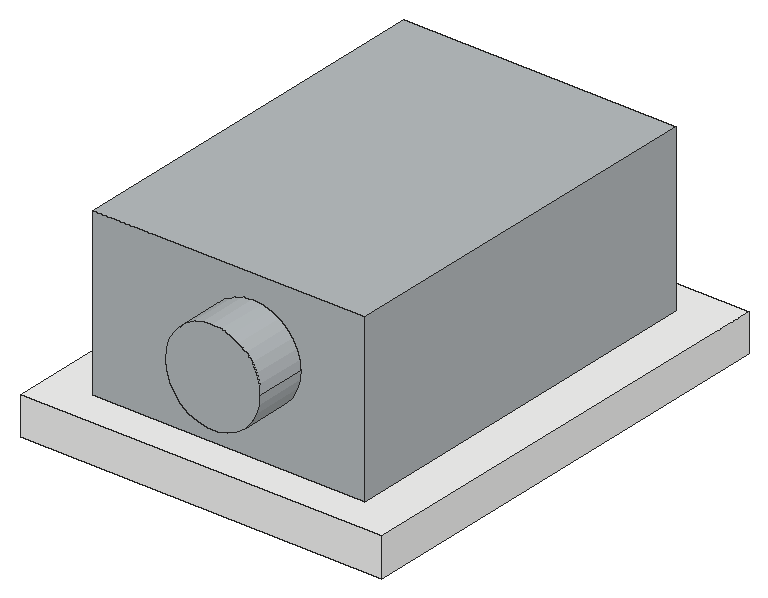
Revit family "v-141_241bz5(-rc)_50Hz", category 機械設備, Revit 2019
Family settings
  丸型コネクタ寸法 = 直径を使用
  パーツ タイプ = 標準
  OmniClass 番号 = 23.75.35.17.27
  OmniClass タイトル = Centrifugal Fans
  作業面ベース = いいえ
  常に垂直 = はい
  ロード時にボイドで切り取り = いいえ
  共有 = いいえ
  部屋計算ポイント = はい
Parameters (values of type "V-141BZ5")
  騒音レベル(dB(A)) [instance] = 43
  風量 [instance] = 170.0 m³/h
  電源種別 [instance] = ""
  電圧 = 100 V
  電動機出力 = 0 W
  電動機_種別 [instance] = ""
  運転質量 = 0.00 kg
  連動 [instance] = ""
  質量 = if(製品質量 > 運転質量, 製品質量, 運転質量) * 1.2  # 6.36 kg
  負荷分類 = 3_ファン類
  説明 = "バス乾燥・暖房・換気システム 標準タイプ 1部屋用"
  設計風量 [instance] = 0.0 m³/h
  設置方法 = "カセット形"
  記号 [instance] = ""
  製造元 = "三菱電機株式会社"
  製品質量 = 5.30 kg
  製品出荷対象 = "国内"
  製品リリース年月 = "2022年6月1日"
  製品グループ = ""
  系統 [instance] = ""
  符号 [instance] = if(☑給気／□排気, "FS", "FE")  # "FE"
  積算_科目 = "2 換気設備"
  積算_拾い区分 [instance] = ""
  相 = 1
  盤記号 [instance] = ""
  発停方法 [instance] = ""
  特殊仕様 [instance] = ""
  点検口離隔 = 150 mm
  点検口_Depth = 450 mm
  点検口 = yes
  火災停止 [instance] = ""
  消費電力 = 1250 W
  法定耐用年数 = "10"
  機外静圧 [instance] = 0.0 Pa
  極数 = 2
  材質 [instance] = ""
  操作・制御方式 = ""
  操作・制御スイッチ = ""
  排気量 [instance] = if(☑給気／□排気, 0.0 m³/h, 設計風量)  # 0.0 m³/h
  形式 = ""
  幹線記号 [instance] = ""
  対象室 [instance] = ""
  実風量 [instance] = 0.0 m³/h
  始動方式 [instance] = "直入"
  本体固定用穴ピッチ4 = 424 mm
  本体固定用穴ピッチ3 = 224 mm
  本体固定用穴ピッチ2 = 265 mm
  本体固定用穴ピッチ1 = 304 mm
  外気量 [instance] = if(☑給気／□排気, 設計風量, 0.0 m³/h)  # 0.0 m³/h
  呼称 = "天井扇"
  周波数 = 50 Hz
  参照している仕様書等のバージョン = ""
  分類コード = "50052503100080"
  分類グループ = ""
  価格 = 111000
  企業コード = "108420"
  付属品_防振装置 = ""
  付属品 [instance] = ""
  仕様書バージョン = "Version1.0"
  モデル = "V-141BZ5"
  マテリアル = 亜鉛メッキ鋼板
  ファンの種類 = ""
  ダクト径 = 100 mm
  コメント [instance] = ""
  Keynote = ""
  カバーマテリアル = 合成樹脂(白)
  ☑給気／□排気 [instance] = no
  Width = 280 mm
  W2 = 25 mm
  W1 = 372 mm
  Version = ""
  Uniclass2015Version = "Systems v1.9"
  Uniclass2015Title = "Centrifugal fans"
  Uniclass2015Code = "Pr_65_67_29_12"
  URL = "https://www.mitsubishielectric.co.jp/ldg/wink/ssl/displayProduct.do?pid=320524"
  SpecificationReference = ""
  SpecificationDescription = ""
  Revision = ""
  ProductInformation = ""
  OmniClassCode = "23-33 31 19 11 15"
  MIN風量 = 95.0 m³/h
  MIN静圧 = 0.0 Pa
  MID風量 = 0.0 m³/h
  MID静圧 = 0.0 Pa
  MAX風量 = 170.0 m³/h
  MAX静圧 = 0.0 Pa
  IfcTypeProduct = ""
  IfcProduct = ""
  IfcExportType = "PROPELLORAXIAL"
  IfcExportAs = "IfcFanType"
  Height = 170 mm
  H2 = 97 mm
  H1 = 39 mm
  EAサイズ_D = 97.5 mm
  Depth = 400 mm
  D2 = 51.8 mm
  D1 = 472 mm
  Author = "三菱電機株式会社"
Types (3, lengths in mm): name | 騒音レベル(dB(A)) | 風量 | 電圧 | 質量 | 製品質量 | 消費電力 | 極数 | 価格 | モデル | URL | MIN風量 | MAX風量
  V-141BZ5 | 43 | 170.0 m³/h | 100 V | 6.36 kg | 5.30 kg | 1250 W | 2 | 111000 | "V-141BZ5" | "https://www.mitsubishielectric.co.jp/ldg/wink/ssl/displayProduct.do?pid=320524" | 95.0 m³/h | 170.0 m³/h
  V-241BZ5 | 47 | 195.0 m³/h | 200 V | 6.96 kg | 5.80 kg | 2000 W | 3 | 137100 | "V-241BZ5" | "https://www.mitsubishielectric.co.jp/ldg/wink/ssl/displayProduct.do?pid=320489" | 110.0 m³/h | 195.0 m³/h
  V-241BZ5-RC | 47 | 195.0 m³/h | 200 V | 6.96 kg | 5.80 kg | 2000 W | 3 | 179000 | "V-241BZ5-RC" | "https://www.mitsubishielectric.co.jp/ldg/wink/ssl/displayProduct.do?pid=320490" | 110.0 m³/h | 195.0 m³/h
Reference planes
  plane 1 "中心(正面/背面)": y = 0
  plane 2: z = 0
  plane 3 "中心(左/右)": x = 0
  plane 4: x = -186
  plane 5: x = 186
  plane 6: y = 236
  plane 7: y = -236
  plane 8: x = -140
  plane 9: x = 140
  plane 10: y = 200
  plane 11: y = -200
  plane 12: y = -251.8
  plane 13: z = 170
  plane 14: z = -39
  plane 15: z = 97
  plane 16: x = -152
  plane 17: x = 152
  plane 18: y = 132.5
  plane 19: y = -132.5
  plane 20: x = 25
  plane 21: x = -112
  plane 22: x = 112
  plane 23: y = 212
  plane 24: y = -212
  plane 25: x = -290
  plane 26: x = -740
  plane 27: y = 225
  plane 28: y = -225
Forms (mm)
  Extrusion 1, solid, material "亜鉛メッキ鋼板" <- "マテリアル", detail levels fine
    sketch origin (0, 0, 0) x (1, 0, 0) y (0, 1, 0)
      loop
        line (-140, 200) -> (-140, -200) -> (140, -200) -> (140, 200) -> (-140, 200)
    from 0 to 170
  Extrusion 2, solid, material "合成樹脂(白)" <- "カバーマテリアル", detail levels fine
    sketch origin (0, 0, 0) x (1, 0, 0) y (0, 1, 0)
      loop
        line (-186, 236) -> (-186, -236) -> (186, -236) -> (186, 236) -> (-186, 236)
    from 0 to -39
  Extrusion 3, solid, material "亜鉛メッキ鋼板" <- "マテリアル", detail levels fine
    sketch origin (0, 0, 0) x (1, 0, 0) y (0, 0, 1)
      loop
        circle (25, 97) r 48.75
    from 200 to 251.8
Dimensions and locks
  equal spacing: plane 4, plane 3 "中心(左/右)", plane 5
  "W1": plane 4 to plane 5
  equal spacing: plane 6, plane 1 "中心(正面/背面)", plane 7
  "D1": plane 6 to plane 7
  equal spacing: plane 8, plane 3 "中心(左/右)", plane 9
  "Width": plane 8 to plane 9
  equal spacing: plane 10, plane 1 "中心(正面/背面)", plane 11
  "Depth": plane 10 to plane 11
  "D2": plane 11 to plane 12
  "Height": plane 13 to plane 2
  "H2": plane 15 to plane 2
  equal spacing: plane 16, plane 3 "中心(左/右)", plane 17
  "本体固定用穴ピッチ1": plane 16 to plane 17
  equal spacing: plane 18, plane 1 "中心(正面/背面)", plane 19
  "本体固定用穴ピッチ2": plane 18 to plane 19
  "H1": plane 2 to plane 14
  "W2": plane 20 to plane 3 "中心(左/右)"
  equal spacing: plane 23, plane 1 "中心(正面/背面)", plane 24
  "本体固定用穴ピッチ4": plane 23 to plane 24
  equal spacing: plane 21, plane 3 "中心(左/右)", plane 22
  "本体固定用穴ピッチ3": plane 21 to plane 22
  equal spacing: plane 27, plane 1 "中心(正面/背面)", plane 28
  "点検口_Depth": plane 27 to plane 28
  "点検口_Depth": plane 26 to plane 25
  "点検口離隔": plane 25 to plane 8
  "EAサイズ_D": diameter of Extrusion 3 sketch curve
  aligned and locked: level to plane 2
  aligned and locked: plane 5 to Extrusion 2
  aligned and locked: plane 6 to Extrusion 2
  aligned and locked: Extrusion 2 to plane 4
  aligned and locked: Extrusion 2 to plane 7
  aligned and locked: plane 9 to Extrusion 1
  aligned and locked: Extrusion 1 to plane 11
  aligned and locked: Extrusion 1 to plane 8
  aligned and locked: plane 10 to Extrusion 1
  aligned and locked: plane 13 to Extrusion 1
  aligned and locked: Extrusion 2 to plane 14
  aligned and locked: level to Extrusion 2
  aligned and locked: Extrusion 1 to level
  aligned and locked: Extrusion 3 to plane 12
  aligned and locked: plane 11 to Extrusion 3
  aligned and locked: nested 2 to plane 16
  aligned and locked: nested 2 to plane 17
  aligned and locked: nested 2 to plane 19
  aligned and locked: nested 2 to plane 18
  aligned and locked: nested 3 to plane 23
  aligned and locked: nested 3 to plane 24
  aligned and locked: nested 3 to plane 21
  aligned and locked: nested 3 to plane 22
  aligned and locked: plane 25 to nested 4
  aligned and locked: plane 26 to nested 4
  aligned and locked: plane 27 to nested 4
  aligned and locked: plane 28 to nested 4
Automatic sketch dimensions
  Extrusion 1 sketch curve to plane 3 "中心(左/右)" = 140 mm
  plane 3 "中心(左/右)" to Extrusion 1 sketch curve = 140 mm
  Extrusion 2 sketch curve to plane 3 "中心(左/右)" = 186 mm
  plane 3 "中心(左/右)" to Extrusion 2 sketch curve = 186 mm
  plane 1 "中心(正面/背面)" to Extrusion 1 sketch curve = 200 mm
  Extrusion 1 sketch curve to plane 1 "中心(正面/背面)" = 200 mm
  plane 1 "中心(正面/背面)" to Extrusion 2 sketch curve = 236 mm
  Extrusion 2 sketch curve to plane 1 "中心(正面/背面)" = 236 mm
  Extrusion 3 sketch curve to plane 15 = 0 mm
  Extrusion 3 sketch curve to plane 20 = 0 mm
Nested families
  nested 1: "記号_天井換気扇_平面" at (0, 0, 0), type "記号_天井換気扇_平面", detail levels coarse+medium
  nested 2: "固定点" at (-152, -132.5, 0), type "固定点"
    with W 304 mm, D 265 mm
  nested 3: "固定点" at (-112, -212, 0), type "固定点"
    with W 224 mm, D 424 mm
  nested 4: "点検口設置範囲" at (-515, 0, 0), visible <- "点検口", type "点検口設置範囲"
    with Width 450 mm, Depth 450 mm
Connectors
  hvac at (25, -251.8, 97), driven by "ダクト径", driven by "風量", driven by "機外静圧"
    settings: on Extrusion 3, index 1, duct flow 170.0 m³/h, flow factor 0, pres drop 0.0 Pa, loss coef 0, conn angle 0.00°, conn width 304.8 mm, conn height 304.8 mm, conn diameter 100 mm, duct sys type 3, conn prof type 0, flow config 0, flow direction 2, loss method 4, conn ref index -1, conn util no, is conn primary yes, conn desc ""
  electrical at (0, 0, 170), driven by "極数", driven by "負荷分類", driven by "電圧", driven by "消費電力"
    settings: on Extrusion 1, index 3, voltage 100 V, apparent load 1250 VA, apparent load phase1 0 VA, apparent load phase2 0 VA, apparent load phase3 0 VA, power factor 1, load classification "3_ファン類", number of poles 2, system type 30, power factor state 1, is connector primary yes, connector utility no, sub classification motor no, connector description ""
Definition of nested family "記号_天井換気扇_平面"
  Reference planes
    plane 1: y = 0
    plane 2: x = 0
  Lines and regions (mm)
    detail lines
      curve 1: line (-2.5, 2.5, 0) -> (2.5, 2.5, 0)
      curve 2: line (-2.5, -2.5, 0) -> (-2.5, 2.5, 0)
      curve 3: line (2.5, -2.5, 0) -> (-2.5, -2.5, 0)
      curve 4: line (2.5, 2.5, 0) -> (2.5, -2.5, 0)
      curve 5: circle (-1.04, -1.04, 0) r 1.46 normal (0, 0, 1)
      curve 6: circle (1.04, 1.04, 0) r 1.46 normal (0, 0, 1)
      curve 7: line (-3.125, 3.125, 0) -> (3.125, 3.125, 0)
      curve 8: line (-3.125, -3.125, 0) -> (-3.125, 3.125, 0)
      curve 9: line (3.125, -3.125, 0) -> (-3.125, -3.125, 0)
      curve 10: line (3.125, 3.125, 0) -> (3.125, -3.125, 0)
      curve 11: circle (1.295, 1.295, 0) r 1.83 normal (0, 0, 1)
      curve 12: circle (-1.295, -1.295, 0) r 1.83 normal (0, 0, 1)
      curve 13: line (-2, 2, 0) -> (2, 2, 0)
      curve 14: line (-2, -2, 0) -> (-2, 2, 0)
      curve 15: line (2, -2, 0) -> (-2, -2, 0)
      curve 16: line (2, 2, 0) -> (2, -2, 0)
      curve 17: circle (0.84, 0.84, 0) r 1.16 normal (0, 0, 1)
      curve 18: circle (-0.84, -0.84, 0) r 1.2 normal (0, 0, 1)
Definition of nested family "固定点"
  Parameters (values of type "固定点")
    中心円 = 20 mm
    W [instance] = 1000 mm
    D [instance] = 1000 mm
  Reference planes
    plane 1 "中心(正面/背面)": y = 0
    plane 2: z = 0
    plane 3 "中心(左/右)": x = 0
    plane 4: x = 1000
    plane 5: y = 1000
  Lines and regions (mm)
    symbolic lines, detail levels fine
      curve 1: circle (0, 1000, 0) r 10 normal (0, 0, 1)
      curve 2: circle (0, 0, 0) r 10 normal (0, 0, 1)
      curve 3: circle (1000, 1000, 0) r 10 normal (0, 0, 1)
      curve 4: circle (1000, 0, 0) r 10 normal (0, 0, 1)
      curve 5: line (-200, 1000, 0) -> (1200, 1000, 0)
      curve 6: line (-200, 0, 0) -> (1200, 0, 0)
      curve 7: line (0, 1200, 0) -> (0, -200, 0)
      curve 8: line (1000, 1200, 0) -> (1000, -200, 0)
  Dimensions and locks
    "W": plane 3 "中心(左/右)" to plane 4
    "D": plane 1 "中心(正面/背面)" to plane 5
    "中心円": diameter of curve 1
    "中心円": diameter of curve 2
    "中心円": diameter of curve 3
    "中心円": diameter of curve 4
    aligned and locked: level to plane 2
    aligned and locked: plane 5 to curve 1
    aligned and locked: plane 3 "中心(左/右)" to curve 1
    aligned and locked: plane 3 "中心(左/右)" to curve 2
    aligned and locked: plane 1 "中心(正面/背面)" to curve 2
    aligned and locked: plane 4 to curve 3
    aligned and locked: plane 5 to curve 3
    aligned and locked: plane 1 "中心(正面/背面)" to curve 4
    aligned and locked: plane 4 to curve 4
    aligned and locked: plane 1 "中心(正面/背面)" to curve 6
    aligned and locked: curve 7 to plane 3 "中心(左/右)"
    aligned and locked: curve 8 to plane 4
  Automatic sketch dimensions
    curve 5 to plane 5 = 0 mm
    curve 6 to plane 3 "中心(左/右)" = 200 mm
    curve 5 to plane 3 "中心(左/右)" = 200 mm
    curve 4 to curve 6 = 200 mm
    curve 3 to curve 5 = 200 mm
    plane 1 "中心(正面/背面)" to curve 8 = 200 mm
    plane 1 "中心(正面/背面)" to curve 7 = 200 mm
    curve 3 to curve 8 = 200 mm
    curve 1 to curve 7 = 200 mm
Definition of nested family "点検口設置範囲"
  Parameters (values of type "点検口設置範囲")
    Width [instance] = 1000 mm
    Depth [instance] = 700 mm
  Reference planes
    plane 1 "中心(正面/背面)": y = 0
    plane 2: z = 0
    plane 3 "中心(左/右)": x = 0
    plane 4: x = -500
    plane 5: x = 500
    plane 6: y = -350
    plane 7: y = 350
  Lines and regions (mm)
    model lines
      curve 1: line (-500, 350, 0) -> (500, 350, 0)
      curve 2: line (-500, -350, 0) -> (-500, 350, 0)
      curve 3: line (500, -350, 0) -> (-500, -350, 0)
      curve 4: line (500, 350, 0) -> (500, -350, 0)
  Dimensions and locks
    "Depth": plane 7 to plane 6
    "Width": plane 4 to plane 5
    equal spacing: plane 7, plane 1 "中心(正面/背面)", plane 6
    equal spacing: plane 4, plane 3 "中心(左/右)", plane 5
    aligned and locked: level to plane 2
    aligned and locked: plane 4 to curve 2
    aligned and locked: curve 1 to plane 7
    aligned and locked: curve 4 to plane 5
    aligned and locked: plane 6 to curve 3
